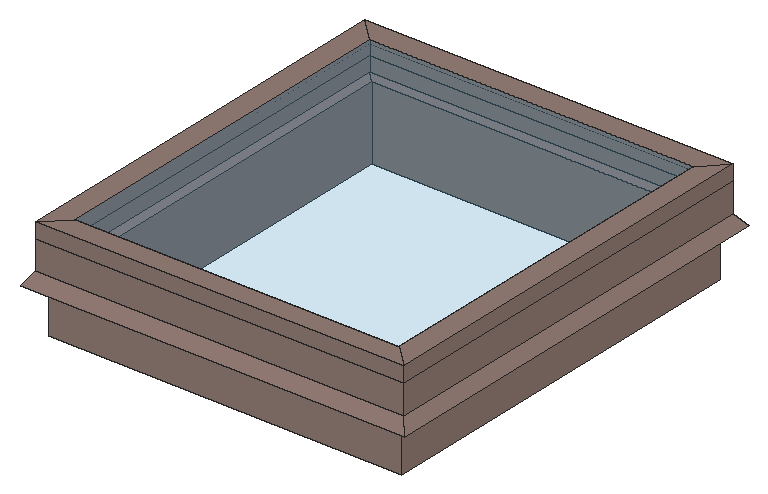
Revit family "Claraboya", category Ventanas, Revit 2023
Family settings
  Anfitrión = Cubierta
  Siempre vertical = No
  Corte con vacíos al cargar = No
  Compartido = No
  Punto de cálculo de habitación = No
Parameters (values of type "0610 x 0686mm")
  Visual Light Transmittance = 0.9
  Resistencia térmica (R) = 0.271106 (m²·K)/W
  Definir propiedades térmicas por = Tipo esquemático
  Solar Heat Gain Coefficient = 0.78
  Material de hoja = Metal - Bronce, Bruñido ligero
  ID de tipo de construcción = "GSP4R"
  Coeficiente de transferencia de calor (U) = 3.6886 W/(m²·K)
  Material de hoja de cristal = Vidrio
  Altura = 686.00 mm
  Type Comments = ""
  Anchura = 610.00 mm
  Material de estructura = Metal - Bronce, Bruñido ligero
  Construcción analítica = "1/8 en cristalera simple Pilkington"
Types (8, lengths in mm): name | Altura | Anchura
  0711 x 0965mm | 965.00 | 711.00
  0610 x 0686mm | 686.00 | 610.00
  0406 x 1170mm | 1170.00 | 406.00
  1180 x 1170mm | 1170.00 | 1118.00
  0711 x 1830mm | 1830.00 | 711.00
  240 x 100 cm | 2400.00 | 1000.00
  100 x 100 cm | 1000.00 | 1000.00
  140 x 100 cm | 1400.00 | 1000.00
Reference planes
  plane 1 "Cubierta": z = 3657.6
  plane 2 "Derecha": x = 279.84
  plane 3 "Izquierda": x = -330.16
  plane 4 "Parte superior": y = 395.504
  plane 5 "Parte inferior": y = -290.496
  plane 6 "Cara": z = 3810
  plane 7 "Centro (Izquierda/Derecha)": x = -25.16
  plane 8 "Centro (Frontal/Posterior)": y = 52.504
Forms (mm)
  Sweep 1, solid, material "Metal - Bronce, Bruñido ligero" <- "Material de estructura"
    path origin (0, 0, 3810) x (-1, 0, 0) y (0, -1, 0)
      loop
        line (330.16, 290.496) -> (-279.84, 290.496) -> (-279.84, -395.504) -> (330.16, -395.504) -> (330.16, 290.496)
    profile origin (-25.16, 0, 3810) x (0, 1, 0) y (0, 0, 1)
      loop
        line (-246.046, 0) -> (-246.046, 127) -> (-265.096, 127) -> (-265.096, 152.4) -> (-290.496, 152.4) -> (-290.496, 0) -> (-246.046, 0)
  Sweep 2, solid, material "Metal - Bronce, Bruñido ligero" <- "Material de hoja"
    path origin (0, 0, 3810) x (-1, 0, 0) y (0, -1, 0)
      loop
        line (330.16, -395.504) -> (330.16, 290.496) -> (-279.84, 290.496) -> (-279.84, -395.504) -> (330.16, -395.504)
    profile origin (-25.16, 0, 3810) x (0, 1, 0) y (0, 0, 1)
      loop
        line (370.104, 152.4) -> (395.504, 152.4) -> (401.854, 152.4) -> (401.854, 99.598) -> (417.571, 77.151) -> (422.773, 80.794) -> (408.204, 101.6) -> (408.204, 152.4) -> (408.204, 177.8) -> (370.104, 177.8) -> (370.104, 152.4)
  Extrusion 3, solid, material "Vidrio" <- "Material de hoja de cristal"
    sketch origin (-304.76, -265.096, 3987.8) x (0, 1, 0) y (-1, 0, 0)
      loop
        line (0, 0) -> (0, -559.2) -> (635.2, -559.2) -> (635.2, 0) -> (0, 0)
    from 0 to -6.35
Lines and regions (mm)
  Opening 1
    outline origin (0, 0, 3810) x (0, 1, 0) y (-1, 0, 0)
      loop
        line (351.054, 285.71) -> (-246.046, 285.71) -> (-246.046, -235.39) -> (351.054, -235.39) -> (351.054, 285.71)
  symbolic lines, style "WindowsFrameMullionProjection"
    curve 1: line (-330.16, 395.504, 3810) -> (279.84, 395.504, 3810)
    curve 2: line (-330.16, -290.496, 3810) -> (-330.16, 395.504, 3810)
    curve 3: line (279.84, -290.496, 3810) -> (-330.16, -290.496, 3810)
    curve 4: line (279.84, 395.504, 3810) -> (279.84, -290.496, 3810)
    curve 5: line (-304.76, 370.104, 3810) -> (254.44, 370.104, 3810)
    curve 6: line (-304.76, -265.096, 3810) -> (-304.76, 370.104, 3810)
    curve 7: line (254.44, -265.096, 3810) -> (-304.76, -265.096, 3810)
    curve 8: line (254.44, 370.104, 3810) -> (254.44, -265.096, 3810)
Dimensions and locks
  host sketch curve to host sketch curve = 3048.00 mm  (x2)
  "Anchura": plane 3 "Izquierda" to plane 2 "Derecha"
  "Altura": plane 5 "Parte inferior" to plane 4 "Parte superior"
  equal spacing: plane 3 "Izquierda", plane 7 "Centro (Izquierda/Derecha)", plane 2 "Derecha"
  equal spacing: plane 5 "Parte inferior", plane 8 "Centro (Frontal/Posterior)", plane 4 "Parte superior"
  aligned and locked: level to plane 1 "Cubierta"
  aligned and locked: plane 6 "Cara" to host roof
Automatic sketch dimensions
  Opening 1 sketch curve to plane 3 "Izquierda" = 44.45 mm
  plane 5 "Parte inferior" to Opening 1 sketch curve = 44.45 mm
  plane 4 "Parte superior" to Opening 1 sketch curve = 44.45 mm
  plane 2 "Derecha" to Opening 1 sketch curve = 44.45 mm
  Sweep 1 sketch curve to plane 2 "Derecha" = 0.00 mm
  Sweep 1 sketch curve to plane 3 "Izquierda" = 0.00 mm
  Sweep 1 sketch curve to plane 4 "Parte superior" = 0.00 mm
  Sweep 1 sketch curve to plane 5 "Parte inferior" = 0.00 mm
  Sweep 1 sketch curve to plane 6 "Cara" = 0.00 mm
  Sweep 1 sketch curve to profile plane = 0.00 mm
  Sweep 1 sketch curve to profile plane = 25.40 mm
  Sweep 1 sketch curve to Sweep 1 sketch curve = 19.05 mm
  Sweep 1 sketch curve to plane 6 "Cara" = 127.00 mm
  Sweep 1 sketch curve to Sweep 1 sketch curve = 25.40 mm
  Sweep 2 sketch curve to plane 2 "Derecha" = 0.00 mm
  Sweep 2 sketch curve to plane 3 "Izquierda" = 0.00 mm
  Sweep 2 sketch curve to plane 4 "Parte superior" = 0.00 mm
  Sweep 2 sketch curve to plane 5 "Parte inferior" = 0.00 mm
  Sweep 2 sketch curve to profile plane = 0.00 mm
  profile plane to Sweep 2 sketch curve = 25.40 mm
  Sweep 2 sketch curve to profile plane = 6.35 mm
  Sweep 2 sketch curve to profile plane = 12.70 mm
  Sweep 2 sketch curve to profile plane = 22.067 mm
  Sweep 2 sketch curve to Sweep 2 sketch curve = 5.202 mm
  Sweep 2 sketch curve to plane 6 "Cara" = 77.151 mm
  Sweep 2 sketch curve to Sweep 2 sketch curve = 3.642 mm
  Sweep 2 sketch curve to Sweep 2 sketch curve = 50.80 mm
  Sweep 2 sketch curve to Sweep 2 sketch curve = 0.00 mm
  Sweep 2 sketch curve to Sweep 2 sketch curve = 25.40 mm
  plane 2 "Derecha" to Extrusion 3 sketch curve = 25.40 mm
  plane 5 "Parte inferior" to Extrusion 3 sketch curve = 25.40 mm
  Extrusion 3 sketch curve to plane 3 "Izquierda" = 25.40 mm
  plane 4 "Parte superior" to Extrusion 3 sketch curve = 25.40 mm
  curve 1 to plane 3 "Izquierda" = 0.00 mm
  curve 4 to plane 2 "Derecha" = 0.00 mm
  curve 3 to plane 5 "Parte inferior" = 0.00 mm
  curve 2 to plane 4 "Parte superior" = 0.00 mm
  curve 5 to plane 3 "Izquierda" = 25.40 mm
  plane 2 "Derecha" to curve 5 = 25.40 mm
  plane 5 "Parte inferior" to curve 7 = 25.40 mm
  plane 4 "Parte superior" to curve 5 = 25.40 mm
